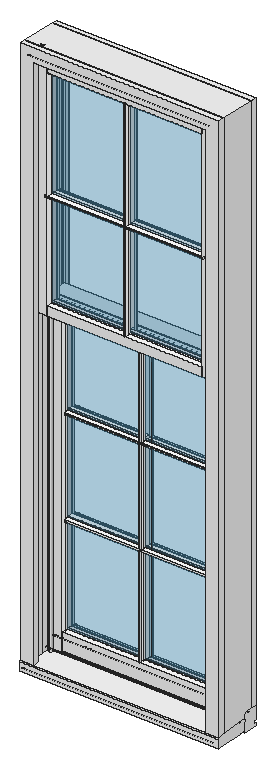
Revit family "S1-46", category Generic Models, Revit 2012 (continued)
Automatic sketch dimensions
  Extrusion 25 sketch curve to Extrusion 25 sketch curve = 0 mm  (x2)
  Extrusion 25 sketch curve to plane 16 = 44 mm
  Extrusion 25 sketch curve to plane 1 "Center (Front/Back)" = 19.501 mm
  Extrusion 25 sketch curve to Extrusion 25 sketch curve = 4 mm  (x2)
  Extrusion 25 sketch curve to Extrusion 25 sketch curve = 16 mm
  plane 20 to Sweep 26 sketch curve = 0.003 mm
  Sweep 26 sketch curve to plane 5 = 44 mm
  Sweep 26 sketch curve to plane 16 = 44 mm
  Sweep 26 sketch curve to plane 27 = 3.962 mm
  profile plane to Sweep 26 sketch curve = 0 mm
  profile plane to Sweep 26 sketch curve = 10 mm
  Sweep 26 sketch curve to profile plane = 8 mm
  profile plane to Sweep 26 sketch curve = 8 mm
  Extrusion 27 sketch curve to level = 0 mm  (x2)
  Extrusion 27 sketch curve to plane 4 = 0 mm
  Extrusion 27 sketch curve to plane 4 = 2.879 mm
  Extrusion 27 sketch curve to plane 10 = 24 mm
  plane 4 to Extrusion 27 sketch curve = 0.098 mm
  Extrusion 27 sketch curve to Extrusion 27 sketch curve = 2.634 mm
  Extrusion 27 sketch curve to Extrusion 27 sketch curve = 5 mm  (x2)
  level to Extrusion 27 sketch curve = 2 mm
  Extrusion 27 sketch curve to Extrusion 27 sketch curve = 3 mm
  Extrusion 27 sketch curve to plane 1 "Center (Front/Back)" = 6.66 mm
  Extrusion 27 sketch curve to Extrusion 27 sketch curve = 3.261 mm
  Extrusion 27 sketch curve to Extrusion 27 sketch curve = 1.774 mm
  Extrusion 27 sketch curve to Extrusion 27 sketch curve = 0.661 mm
  Extrusion 27 sketch curve to Extrusion 27 sketch curve = 0.483 mm
  level to Extrusion 27 sketch curve = 5 mm
  Extrusion 27 sketch curve to plane 1 "Center (Front/Back)" = 13 mm
  Extrusion 27 sketch curve to Extrusion 27 sketch curve = 20.16 mm
  Extrusion 27 sketch curve to Extrusion 27 sketch curve = 0 mm
  plane 4 to Extrusion 27 sketch curve = 8.01 mm
  Extrusion 27 sketch curve to Extrusion 27 sketch curve = 0.941 mm
  Extrusion 27 sketch curve to Extrusion 27 sketch curve = 3.756 mm
  Extrusion 27 sketch curve to Extrusion 27 sketch curve = 0.468 mm
  plane 4 to Extrusion 27 sketch curve = 15 mm
  Extrusion 28 sketch curve to plane 4 = 0 mm
  Extrusion 28 sketch curve to level = 0 mm
  plane 4 to Extrusion 28 sketch curve = 15 mm
  Extrusion 28 sketch curve to plane 1 "Center (Front/Back)" = 33 mm
  Extrusion 28 sketch curve to Extrusion 28 sketch curve = 0 mm
  Extrusion 28 sketch curve to Extrusion 28 sketch curve = 5 mm
  Extrusion 28 sketch curve to Extrusion 28 sketch curve = 13.619 mm
  Extrusion 28 sketch curve to Extrusion 28 sketch curve = 3.494 mm
  Extrusion 28 sketch curve to Extrusion 28 sketch curve = 0.701 mm
  Extrusion 28 sketch curve to Extrusion 28 sketch curve = 1.501 mm
  Extrusion 28 sketch curve to Extrusion 28 sketch curve = 1.734 mm
  Extrusion 28 sketch curve to Extrusion 28 sketch curve = 0.661 mm
  Extrusion 28 sketch curve to Extrusion 28 sketch curve = 0.854 mm
  Extrusion 28 sketch curve to plane 9 = 0 mm
  Extrusion 28 sketch curve to plane 21 = 4.75 mm
  Extrusion 28 sketch curve to plane 21 = 14.75 mm
  Extrusion 28 sketch curve to Extrusion 28 sketch curve = 10 mm  (x2)
  level to Extrusion 28 sketch curve = 10 mm
  Extrusion 28 sketch curve to Extrusion 28 sketch curve = 4.913 mm
  Extrusion 28 sketch curve to Extrusion 28 sketch curve = 3 mm
  Extrusion 28 sketch curve to Extrusion 28 sketch curve = 13.01 mm
  Extrusion 28 sketch curve to Extrusion 28 sketch curve = 0.941 mm
  Extrusion 28 sketch curve to Extrusion 28 sketch curve = 4.893 mm
  Extrusion 28 sketch curve to Extrusion 28 sketch curve = 3.308 mm
  Extrusion 28 sketch curve to Extrusion 28 sketch curve = 0.218 mm
  Extrusion 28 sketch curve to Extrusion 28 sketch curve = 0.667 mm
  Extrusion 28 sketch curve to Extrusion 28 sketch curve = 5.279 mm
  Extrusion 29 sketch curve to plane 16 = 0 mm  (x3)
  Extrusion 29 sketch curve to plane 16 = 3 mm  (x2)
  plane 10 to Extrusion 29 sketch curve = 1 mm
  Extrusion 29 sketch curve to Extrusion 29 sketch curve = 3 mm  (x2)
  Extrusion 29 sketch curve to plane 16 = 9 mm
  Extrusion 29 sketch curve to Extrusion 29 sketch curve = 34 mm
  Extrusion 29 sketch curve to Extrusion 29 sketch curve = 6 mm
  Extrusion 29 sketch curve to Extrusion 29 sketch curve = 10 mm  (x2)
  Extrusion 29 sketch curve to Extrusion 29 sketch curve = 5 mm
  Extrusion 29 sketch curve to Extrusion 29 sketch curve = 9 mm
  plane 10 to Extrusion 29 sketch curve = 13 mm
  Extrusion 29 sketch curve to Extrusion 29 sketch curve = 2 mm
  Extrusion 31 sketch curve to plane 16 = 0 mm  (x3)
  Extrusion 31 sketch curve to plane 16 = 3 mm  (x2)
  Extrusion 31 sketch curve to Extrusion 31 sketch curve = 3 mm  (x2)
  Extrusion 31 sketch curve to plane 16 = 9 mm
  Extrusion 31 sketch curve to Extrusion 31 sketch curve = 31 mm
  Extrusion 31 sketch curve to plane 1 "Center (Front/Back)" = 5 mm
  Extrusion 31 sketch curve to Extrusion 31 sketch curve = 6 mm
  Extrusion 31 sketch curve to Extrusion 31 sketch curve = 10 mm  (x3)
  Extrusion 31 sketch curve to Extrusion 31 sketch curve = 5 mm
  Extrusion 31 sketch curve to Extrusion 31 sketch curve = 12 mm
  Extrusion 31 sketch curve to Extrusion 31 sketch curve = 9 mm
  Extrusion 31 sketch curve to plane 9 = 5 mm
  plane 4 to Sweep 33 sketch curve = 0.101 mm  (x2)
  profile plane to Sweep 33 sketch curve = 0 mm
  profile plane to Sweep 33 sketch curve = 15 mm  (x2)
  Sweep 33 sketch curve to Sweep 33 sketch curve = 8 mm  (x2)
  Sweep 33 sketch curve to plane 1 "Center (Front/Back)" = 4 mm
  profile plane to Sweep 33 sketch curve = 25 mm
  Sweep 33 sketch curve to Sweep 33 sketch curve = 3.764 mm
  Sweep 33 sketch curve to Sweep 33 sketch curve = 0.669 mm  (x3)
  Sweep 33 sketch curve to Sweep 33 sketch curve = 9 mm  (x2)
  Sweep 33 sketch curve to Sweep 33 sketch curve = 0 mm  (x3)
  Sweep 33 sketch curve to plane 1 "Center (Front/Back)" = 67 mm
  Sweep 33 sketch curve to Sweep 33 sketch curve = 5 mm  (x2)
  plane 1 "Center (Front/Back)" to Sweep 33 sketch curve = 4 mm
  Sweep 33 sketch curve to Sweep 33 sketch curve = 14.428 mm
  Sweep 33 sketch curve to Sweep 33 sketch curve = 1.899 mm
  Sweep 33 sketch curve to Sweep 33 sketch curve = 2.674 mm
  Sweep 33 sketch curve to Sweep 33 sketch curve = 43.999 mm
  plane 1 "Center (Front/Back)" to Sweep 34 sketch curve = 0 mm
  plane 6 to Sweep 34 sketch curve = 30 mm
  plane 8 to Sweep 34 sketch curve = 89 mm
  profile plane to Sweep 34 sketch curve = 30.213 mm
  profile plane to Sweep 34 sketch curve = 103.128 mm
  Sweep 34 sketch curve to Sweep 34 sketch curve = 12.041 mm
  profile plane to Sweep 34 sketch curve = 33.191 mm
  Sweep 34 sketch curve to Sweep 34 sketch curve = 2.634 mm
  Sweep 34 sketch curve to profile plane = 6.579 mm
  Sweep 34 sketch curve to Sweep 34 sketch curve = 3.256 mm
  Sweep 34 sketch curve to Sweep 34 sketch curve = 1.861 mm
  Sweep 34 sketch curve to Sweep 34 sketch curve = 0.661 mm
  Sweep 34 sketch curve to Sweep 34 sketch curve = 0.591 mm
  Sweep 34 sketch curve to Sweep 34 sketch curve = 19.966 mm
  Sweep 34 sketch curve to Sweep 34 sketch curve = 13.619 mm
  Sweep 34 sketch curve to Sweep 34 sketch curve = 3.494 mm
  Sweep 34 sketch curve to Sweep 34 sketch curve = 0.701 mm
  Sweep 34 sketch curve to Sweep 34 sketch curve = 1.501 mm
  Sweep 34 sketch curve to Sweep 34 sketch curve = 1.982 mm
  Sweep 34 sketch curve to Sweep 34 sketch curve = 0.499 mm
  Sweep 34 sketch curve to Sweep 34 sketch curve = 0.854 mm
  Sweep 34 sketch curve to Sweep 34 sketch curve = 12.85 mm
  Sweep 34 sketch curve to profile plane = 6.095 mm
  Sweep 34 sketch curve to Sweep 34 sketch curve = 34.959 mm
  profile plane to Sweep 34 sketch curve = 41.01 mm
  Sweep 34 sketch curve to Sweep 34 sketch curve = 0.941 mm
  Sweep 34 sketch curve to Sweep 34 sketch curve = 3.849 mm
  Sweep 34 sketch curve to Sweep 34 sketch curve = 0.468 mm
  Sweep 34 sketch curve to Sweep 34 sketch curve = 5.155 mm
  Sweep 34 sketch curve to Sweep 34 sketch curve = 4.913 mm
  Sweep 34 sketch curve to Sweep 34 sketch curve = 3 mm
  Sweep 34 sketch curve to Sweep 34 sketch curve = 1.91 mm
  Sweep 34 sketch curve to Sweep 34 sketch curve = 1.036 mm
  Sweep 34 sketch curve to Sweep 34 sketch curve = 4.893 mm
  Sweep 34 sketch curve to Sweep 34 sketch curve = 3.401 mm
  Sweep 34 sketch curve to Sweep 34 sketch curve = 0.218 mm
  Sweep 34 sketch curve to Sweep 34 sketch curve = 0.667 mm
  Sweep 34 sketch curve to Sweep 34 sketch curve = 5.371 mm
  Extrusion 35 sketch curve to plane 29 = 2 mm
  Extrusion 35 sketch curve to plane 32 = 10 mm  (x2)
  Extrusion 35 sketch curve to Extrusion 35 sketch curve = 2 mm  (x4)
  Extrusion 35 sketch curve to plane 32 = 2.5 mm  (x2)
  plane 32 to Extrusion 35 sketch curve = 2.5 mm  (x2)
  plane 32 to Extrusion 35 sketch curve = 8 mm
  plane 32 to Extrusion 35 sketch curve = 10 mm
  Extrusion 35 sketch curve to Extrusion 35 sketch curve = 2.8 mm  (x2)
  Extrusion 35 sketch curve to plane 1 "Center (Front/Back)" = 8.038 mm
  Extrusion 35 sketch curve to Extrusion 35 sketch curve = 0 mm
  plane 29 to Extrusion 35 sketch curve = 6 mm
  Extrusion 35 sketch curve to Extrusion 35 sketch curve = 2.5 mm  (x2)
  Extrusion 35 sketch curve to plane 9 = 4.008 mm  (x2)
  Extrusion 37 sketch curve to plane 34 = 0 mm  (x2)
  Extrusion 37 sketch curve to Extrusion 37 sketch curve = 2 mm  (x3)
  Extrusion 37 sketch curve to plane 10 = 0.831 mm
  plane 34 to Extrusion 37 sketch curve = 7.449 mm
  plane 34 to Extrusion 37 sketch curve = 7.5 mm
  plane 10 to Extrusion 37 sketch curve = 1.169 mm  (x2)
  Extrusion 37 sketch curve to Extrusion 37 sketch curve = 5 mm  (x2)
  Extrusion 37 sketch curve to Extrusion 37 sketch curve = 5.5 mm
  Extrusion 37 sketch curve to Extrusion 37 sketch curve = 7.551 mm
  plane 10 to Extrusion 37 sketch curve = 9.323 mm
  plane 10 to Extrusion 37 sketch curve = 12.123 mm
  Extrusion 37 sketch curve to Extrusion 37 sketch curve = 6 mm  (x2)
  Extrusion 37 sketch curve to Extrusion 37 sketch curve = 2.5 mm  (x2)
  Extrusion 37 sketch curve to Extrusion 37 sketch curve = 0 mm
  Extrusion 39 sketch curve to plane 35 = 2 mm
  plane 22 to Extrusion 39 sketch curve = 10 mm  (x2)
  Extrusion 39 sketch curve to Extrusion 39 sketch curve = 2 mm  (x4)
  plane 22 to Extrusion 39 sketch curve = 2.5 mm  (x2)
  Extrusion 39 sketch curve to plane 22 = 2.5 mm  (x2)
  Extrusion 39 sketch curve to plane 22 = 8 mm
  Extrusion 39 sketch curve to plane 22 = 10 mm
  Extrusion 39 sketch curve to Extrusion 39 sketch curve = 2.8 mm  (x2)
  Extrusion 39 sketch curve to plane 1 "Center (Front/Back)" = 8.038 mm
  Extrusion 39 sketch curve to Extrusion 39 sketch curve = 0 mm
  plane 35 to Extrusion 39 sketch curve = 6 mm
  Extrusion 39 sketch curve to Extrusion 39 sketch curve = 2.5 mm  (x2)
  Extrusion 39 sketch curve to plane 9 = 4.008 mm  (x2)
  Extrusion 41 sketch curve to plane 38 = 2 mm
  plane 22 to Extrusion 41 sketch curve = 10 mm  (x2)
  Extrusion 41 sketch curve to Extrusion 41 sketch curve = 2 mm  (x3)
  plane 22 to Extrusion 41 sketch curve = 2.5 mm  (x2)
  Extrusion 41 sketch curve to plane 22 = 2.5 mm  (x2)
  Extrusion 41 sketch curve to plane 22 = 8 mm
  Extrusion 41 sketch curve to plane 22 = 10 mm
  Extrusion 41 sketch curve to Extrusion 41 sketch curve = 2.8 mm  (x2)
  plane 10 to Extrusion 41 sketch curve = 1.288 mm  (x2)
  Extrusion 41 sketch curve to plane 10 = 0.712 mm
  plane 38 to Extrusion 41 sketch curve = 6 mm
  Extrusion 41 sketch curve to Extrusion 41 sketch curve = 2.5 mm  (x2)
  Extrusion 41 sketch curve to Extrusion 41 sketch curve = 7.5 mm
  Extrusion 41 sketch curve to Extrusion 41 sketch curve = 0 mm
  plane 22 to Extrusion 42 sketch curve = 10 mm
  Extrusion 42 sketch curve to plane 22 = 10 mm
  plane 10 to Extrusion 42 sketch curve = 19.242 mm
  Extrusion 42 sketch curve to Extrusion 42 sketch curve = 16 mm
  Extrusion 43 sketch curve to plane 42 = 0 mm  (x2)
  plane 42 to Extrusion 43 sketch curve = 2 mm
  plane 42 to Extrusion 43 sketch curve = 7.5 mm  (x2)
  Extrusion 43 sketch curve to Extrusion 43 sketch curve = 5 mm  (x2)
  Extrusion 43 sketch curve to plane 9 = 4.008 mm  (x2)
  Extrusion 43 sketch curve to Extrusion 43 sketch curve = 5.5 mm
  Extrusion 43 sketch curve to Extrusion 43 sketch curve = 7.5 mm
  Extrusion 43 sketch curve to Extrusion 43 sketch curve = 2 mm  (x3)
  plane 43 to Extrusion 43 sketch curve = 8.5 mm  (x2)
  Extrusion 43 sketch curve to Extrusion 43 sketch curve = 2.5 mm  (x2)
  Extrusion 43 sketch curve to Extrusion 43 sketch curve = 2.8 mm  (x2)
  Extrusion 43 sketch curve to plane 1 "Center (Front/Back)" = 8.038 mm
  Extrusion 43 sketch curve to Extrusion 43 sketch curve = 0 mm
  Extrusion 45 sketch curve to plane 33 = 0 mm  (x2)
  Extrusion 45 sketch curve to plane 33 = 3 mm  (x2)
  plane 10 to Extrusion 45 sketch curve = 1 mm
  Extrusion 45 sketch curve to Extrusion 45 sketch curve = 6 mm  (x2)
  Extrusion 45 sketch curve to Extrusion 45 sketch curve = 34.52 mm
  Extrusion 45 sketch curve to Extrusion 45 sketch curve = 10 mm
  plane 10 to Extrusion 45 sketch curve = 11 mm
  plane 10 to Extrusion 45 sketch curve = 13 mm
  Extrusion 45 sketch curve to Extrusion 45 sketch curve = 20.269 mm
  Extrusion 45 sketch curve to Extrusion 45 sketch curve = 8 mm
  Extrusion 45 sketch curve to Extrusion 45 sketch curve = 3 mm
  Extrusion 46 sketch curve to plane 10 = 0 mm  (x2)
  Extrusion 46 sketch curve to plane 10 = 0.972 mm  (x2)
  Extrusion 46 sketch curve to Extrusion 46 sketch curve = 1.528 mm
  Extrusion 46 sketch curve to Extrusion 46 sketch curve = 0.5 mm  (x2)
  Extrusion 46 sketch curve to Extrusion 46 sketch curve = 0.574 mm  (x2)
  Extrusion 46 sketch curve to Extrusion 46 sketch curve = 0.813 mm
  Extrusion 46 sketch curve to Extrusion 46 sketch curve = 0 mm  (x5)
  Extrusion 46 sketch curve to Extrusion 46 sketch curve = 0.85 mm
  Extrusion 46 sketch curve to Extrusion 46 sketch curve = 0.61 mm
  Extrusion 46 sketch curve to Extrusion 46 sketch curve = 0.895 mm  (x4)
  Extrusion 46 sketch curve to Extrusion 46 sketch curve = 1.681 mm
  Extrusion 46 sketch curve to plane 33 = 9 mm
  Extrusion 46 sketch curve to Extrusion 46 sketch curve = 1 mm  (x2)
  Extrusion 46 sketch curve to Extrusion 46 sketch curve = 1.25 mm  (x3)
  Extrusion 46 sketch curve to Extrusion 46 sketch curve = 0.028 mm
  Extrusion 46 sketch curve to Extrusion 46 sketch curve = 0.867 mm  (x2)
  Extrusion 46 sketch curve to Extrusion 46 sketch curve = 0.355 mm
  Extrusion 46 sketch curve to Extrusion 46 sketch curve = 0.71 mm  (x2)
  Extrusion 46 sketch curve to Extrusion 46 sketch curve = 2.5 mm
  Extrusion 47 sketch curve to plane 10 = 2.5 mm
  Extrusion 47 sketch curve to plane 10 = 0.972 mm  (x2)
  plane 10 to Extrusion 47 sketch curve = 0.273 mm  (x2)
  Extrusion 47 sketch curve to Extrusion 47 sketch curve = 4.772 mm
  Extrusion 47 sketch curve to Extrusion 47 sketch curve = 0 mm  (x2)
  Extrusion 47 sketch curve to Extrusion 47 sketch curve = 0.921 mm  (x3)
  Extrusion 47 sketch curve to plane 33 = 8 mm
  Extrusion 47 sketch curve to Extrusion 47 sketch curve = 1.255 mm
  Extrusion 47 sketch curve to Extrusion 47 sketch curve = 0.719 mm  (x2)
  Extrusion 47 sketch curve to Extrusion 47 sketch curve = 1.052 mm
  Extrusion 47 sketch curve to Extrusion 47 sketch curve = 3.157 mm
  Extrusion 47 sketch curve to Extrusion 47 sketch curve = 1.974 mm
  Extrusion 48 sketch curve to plane 33 = 1.197 mm
  Extrusion 48 sketch curve to plane 9 = 5.412 mm
  Extrusion 48 sketch curve to Extrusion 48 sketch curve = 0.921 mm  (x3)
  Extrusion 48 sketch curve to plane 33 = 2.118 mm
  plane 9 to Extrusion 48 sketch curve = 0.281 mm  (x2)
  Extrusion 48 sketch curve to Extrusion 48 sketch curve = 1.245 mm
  Extrusion 48 sketch curve to Extrusion 48 sketch curve = 0 mm
  Extrusion 48 sketch curve to Extrusion 48 sketch curve = 1.5 mm
  Extrusion 48 sketch curve to plane 33 = 2.452 mm
  Extrusion 48 sketch curve to Extrusion 48 sketch curve = 0.719 mm  (x2)
  Extrusion 48 sketch curve to Extrusion 48 sketch curve = 0.623 mm
  Extrusion 48 sketch curve to Extrusion 48 sketch curve = 2.728 mm
  Extrusion 48 sketch curve to Extrusion 48 sketch curve = 1.47 mm
  Extrusion 48 sketch curve to plane 33 = 0.982 mm
  Extrusion 49 sketch curve to Extrusion 49 sketch curve = 0.921 mm  (x4)
  Extrusion 49 sketch curve to Extrusion 49 sketch curve = 0 mm  (x2)
  Extrusion 49 sketch curve to plane 33 = 11.193 mm
  Extrusion 49 sketch curve to Extrusion 49 sketch curve = 1.201 mm
  Extrusion 49 sketch curve to Extrusion 49 sketch curve = 2.456 mm
  Extrusion 49 sketch curve to Extrusion 49 sketch curve = 0.719 mm  (x2)
  Extrusion 49 sketch curve to Extrusion 49 sketch curve = 0.65 mm
  Extrusion 49 sketch curve to Extrusion 49 sketch curve = 2.755 mm
  Extrusion 49 sketch curve to Extrusion 49 sketch curve = 3.175 mm
  Extrusion 50 sketch curve to plane 9 = 5.412 mm
  Extrusion 50 sketch curve to Extrusion 50 sketch curve = 0.921 mm  (x4)
  plane 9 to Extrusion 50 sketch curve = 0.281 mm  (x2)
  Extrusion 50 sketch curve to Extrusion 50 sketch curve = 1.245 mm
  Extrusion 50 sketch curve to Extrusion 50 sketch curve = 0 mm
  Extrusion 50 sketch curve to Extrusion 50 sketch curve = 1.5 mm
  plane 4 to Extrusion 50 sketch curve = 39.982 mm
  Extrusion 50 sketch curve to Extrusion 50 sketch curve = 0.215 mm
  Extrusion 50 sketch curve to Extrusion 50 sketch curve = 1.47 mm
  Extrusion 50 sketch curve to Extrusion 50 sketch curve = 0.719 mm  (x2)
  Extrusion 50 sketch curve to Extrusion 50 sketch curve = 0.623 mm
  Extrusion 50 sketch curve to Extrusion 50 sketch curve = 2.728 mm
  Extrusion 50 sketch curve to Extrusion 50 sketch curve = 2.189 mm
  plane 33 to Extrusion 51 sketch curve = 0.792 mm
  Extrusion 51 sketch curve to Extrusion 51 sketch curve = 0.783 mm
  Extrusion 51 sketch curve to Extrusion 51 sketch curve = 0.015 mm
  plane 33 to Extrusion 51 sketch curve = 0.501 mm
  Extrusion 51 sketch curve to Extrusion 51 sketch curve = 5.086 mm
  Extrusion 51 sketch curve to Extrusion 51 sketch curve = 0.852 mm  (x2)
  Extrusion 51 sketch curve to Extrusion 51 sketch curve = 1.04 mm
  Extrusion 51 sketch curve to plane 33 = 2.371 mm
  Extrusion 51 sketch curve to Extrusion 51 sketch curve = 0.6 mm
  Extrusion 51 sketch curve to Extrusion 51 sketch curve = 0.954 mm  (x2)
  Extrusion 51 sketch curve to Extrusion 51 sketch curve = 0.545 mm
  Extrusion 52 sketch curve to Extrusion 52 sketch curve = 0 mm  (x15)
  Extrusion 52 sketch curve to plane 13 = 1.115 mm
  Extrusion 52 sketch curve to plane 13 = 1.322 mm
  Extrusion 52 sketch curve to Extrusion 52 sketch curve = 0.5 mm  (x4)
  Extrusion 52 sketch curve to plane 13 = 0.205 mm
  Extrusion 52 sketch curve to Extrusion 52 sketch curve = 2.378 mm
  Extrusion 52 sketch curve to plane 13 = 0.558 mm
  Extrusion 52 sketch curve to Extrusion 52 sketch curve = 0.354 mm  (x3)
  Extrusion 52 sketch curve to Extrusion 52 sketch curve = 0.707 mm
  plane 13 to Extrusion 52 sketch curve = 3.236 mm
  Extrusion 52 sketch curve to Extrusion 52 sketch curve = 1.473 mm
  plane 13 to Extrusion 52 sketch curve = 2.882 mm
  Extrusion 52 sketch curve to Extrusion 52 sketch curve = 0.315 mm  (x2)
  Extrusion 52 sketch curve to Extrusion 52 sketch curve = 2.239 mm
  Extrusion 52 sketch curve to Extrusion 52 sketch curve = 0.32 mm
  plane 33 to Extrusion 52 sketch curve = 0 mm
  Extrusion 52 sketch curve to Extrusion 52 sketch curve = 1.581 mm
  Extrusion 52 sketch curve to Extrusion 52 sketch curve = 0.136 mm
  Extrusion 52 sketch curve to Extrusion 52 sketch curve = 0.899 mm
  Extrusion 52 sketch curve to plane 33 = 1.354 mm
  Extrusion 52 sketch curve to Extrusion 52 sketch curve = 1.177 mm
  Extrusion 52 sketch curve to Extrusion 52 sketch curve = 0.886 mm
  Extrusion 52 sketch curve to Extrusion 52 sketch curve = 2.346 mm
  Extrusion 52 sketch curve to Extrusion 52 sketch curve = 0.069 mm
  Extrusion 52 sketch curve to Extrusion 52 sketch curve = 0.388 mm
  Extrusion 52 sketch curve to plane 33 = 0.481 mm
  plane 33 to Extrusion 52 sketch curve = 0.735 mm
  Extrusion 52 sketch curve to Extrusion 52 sketch curve = 0.984 mm
  Extrusion 53 sketch curve to plane 9 = 16.77 mm
  Extrusion 53 sketch curve to Extrusion 53 sketch curve = 0.838 mm
  Extrusion 53 sketch curve to Extrusion 53 sketch curve = 0.12 mm
  Extrusion 53 sketch curve to Extrusion 53 sketch curve = 4.013 mm
  Extrusion 53 sketch curve to Extrusion 53 sketch curve = 0.852 mm
  Extrusion 53 sketch curve to Extrusion 53 sketch curve = 0.391 mm
  Extrusion 53 sketch curve to Extrusion 53 sketch curve = 1.04 mm
  plane 4 to Extrusion 53 sketch curve = 34.359 mm
  Extrusion 53 sketch curve to Extrusion 53 sketch curve = 0.368 mm
  Extrusion 53 sketch curve to Extrusion 53 sketch curve = 0.593 mm
  Extrusion 53 sketch curve to Extrusion 53 sketch curve = 0.96 mm
  Extrusion 53 sketch curve to Extrusion 53 sketch curve = 0.868 mm
  Extrusion 53 sketch curve to Extrusion 53 sketch curve = 4.578 mm
  Extrusion 53 sketch curve to Extrusion 53 sketch curve = 0.826 mm
  Extrusion 53 sketch curve to Extrusion 53 sketch curve = 0.954 mm
  Extrusion 53 sketch curve to Extrusion 53 sketch curve = 0.729 mm
  Extrusion 54 sketch curve to Extrusion 54 sketch curve = 0 mm  (x6)
  Extrusion 54 sketch curve to plane 9 = 20.132 mm
  Extrusion 54 sketch curve to Extrusion 54 sketch curve = 0.504 mm
  Extrusion 54 sketch curve to Extrusion 54 sketch curve = 0.692 mm
  Extrusion 54 sketch curve to Extrusion 54 sketch curve = 0.009 mm
  Extrusion 54 sketch curve to Extrusion 54 sketch curve = 2.715 mm
  Extrusion 54 sketch curve to Extrusion 54 sketch curve = 0.308 mm  (x2)
  Extrusion 54 sketch curve to Extrusion 54 sketch curve = 0.273 mm
  Extrusion 54 sketch curve to Extrusion 54 sketch curve = 0.062 mm  (x2)
  Extrusion 54 sketch curve to Extrusion 54 sketch curve = 0.085 mm
  Extrusion 54 sketch curve to Extrusion 54 sketch curve = 2.389 mm
  Extrusion 54 sketch curve to Extrusion 54 sketch curve = 4.624 mm
  Extrusion 54 sketch curve to Extrusion 54 sketch curve = 0.414 mm
  Extrusion 54 sketch curve to Extrusion 54 sketch curve = 0.507 mm
  Extrusion 54 sketch curve to Extrusion 54 sketch curve = 0.347 mm
  Extrusion 54 sketch curve to Extrusion 54 sketch curve = 4.117 mm
  Extrusion 54 sketch curve to Extrusion 54 sketch curve = 0.122 mm
  Extrusion 54 sketch curve to Extrusion 54 sketch curve = 3.078 mm
  Extrusion 54 sketch curve to Extrusion 54 sketch curve = 0.981 mm
  Extrusion 54 sketch curve to Extrusion 54 sketch curve = 0.5 mm
  plane 4 to Extrusion 54 sketch curve = 28.063 mm
  Extrusion 54 sketch curve to Extrusion 54 sketch curve = 0.394 mm  (x2)
  Extrusion 54 sketch curve to Extrusion 54 sketch curve = 0.501 mm
  Extrusion 54 sketch curve to Extrusion 54 sketch curve = 3.233 mm
  Extrusion 54 sketch curve to Extrusion 54 sketch curve = 0.097 mm
  Extrusion 54 sketch curve to Extrusion 54 sketch curve = 0.246 mm
  Extrusion 54 sketch curve to Extrusion 54 sketch curve = 0.537 mm
  Extrusion 54 sketch curve to Extrusion 54 sketch curve = 0.53 mm
  Extrusion 54 sketch curve to Extrusion 54 sketch curve = 2.566 mm
  Extrusion 54 sketch curve to Extrusion 54 sketch curve = 0.002 mm
  Extrusion 54 sketch curve to Extrusion 54 sketch curve = 1.017 mm
  Extrusion 54 sketch curve to Extrusion 54 sketch curve = 0.43 mm
  Extrusion 54 sketch curve to Extrusion 54 sketch curve = 3.279 mm
  Extrusion 54 sketch curve to Extrusion 54 sketch curve = 0.955 mm
  Extrusion 54 sketch curve to Extrusion 54 sketch curve = 1.205 mm
  Extrusion 55 sketch curve to plane 1 "Center (Front/Back)" = 9.39 mm
  Extrusion 55 sketch curve to Extrusion 55 sketch curve = 0.838 mm
  Extrusion 55 sketch curve to Extrusion 55 sketch curve = 0.12 mm
  Extrusion 55 sketch curve to Extrusion 55 sketch curve = 4.013 mm
  Extrusion 55 sketch curve to Extrusion 55 sketch curve = 0.852 mm
  Extrusion 55 sketch curve to Extrusion 55 sketch curve = 0.391 mm
  Extrusion 55 sketch curve to Extrusion 55 sketch curve = 1.04 mm
  plane 4 to Extrusion 55 sketch curve = 14.352 mm
  Extrusion 55 sketch curve to Extrusion 55 sketch curve = 0.368 mm
  Extrusion 55 sketch curve to Extrusion 55 sketch curve = 0.593 mm
  Extrusion 55 sketch curve to Extrusion 55 sketch curve = 0.96 mm
  Extrusion 55 sketch curve to Extrusion 55 sketch curve = 0.868 mm
  Extrusion 55 sketch curve to Extrusion 55 sketch curve = 4.578 mm
  Extrusion 55 sketch curve to Extrusion 55 sketch curve = 0.826 mm
  Extrusion 55 sketch curve to Extrusion 55 sketch curve = 0.954 mm
  Extrusion 55 sketch curve to Extrusion 55 sketch curve = 0.729 mm
  Extrusion 56 sketch curve to Extrusion 56 sketch curve = 0 mm  (x6)
  Extrusion 56 sketch curve to plane 1 "Center (Front/Back)" = 6.027 mm
  Extrusion 56 sketch curve to Extrusion 56 sketch curve = 0.504 mm
  Extrusion 56 sketch curve to Extrusion 56 sketch curve = 0.692 mm
  Extrusion 56 sketch curve to Extrusion 56 sketch curve = 0.009 mm
  Extrusion 56 sketch curve to Extrusion 56 sketch curve = 2.715 mm
  Extrusion 56 sketch curve to Extrusion 56 sketch curve = 0.308 mm  (x2)
  Extrusion 56 sketch curve to Extrusion 56 sketch curve = 0.273 mm
  Extrusion 56 sketch curve to Extrusion 56 sketch curve = 0.062 mm  (x2)
  Extrusion 56 sketch curve to Extrusion 56 sketch curve = 0.085 mm
  Extrusion 56 sketch curve to Extrusion 56 sketch curve = 2.389 mm
  Extrusion 56 sketch curve to Extrusion 56 sketch curve = 4.624 mm
  Extrusion 56 sketch curve to Extrusion 56 sketch curve = 0.414 mm
  plane 4 to Extrusion 56 sketch curve = 9.358 mm
  Extrusion 56 sketch curve to Extrusion 56 sketch curve = 0.507 mm
  Extrusion 56 sketch curve to Extrusion 56 sketch curve = 0.347 mm
  Extrusion 56 sketch curve to Extrusion 56 sketch curve = 4.117 mm
  Extrusion 56 sketch curve to Extrusion 56 sketch curve = 0.122 mm
  Extrusion 56 sketch curve to Extrusion 56 sketch curve = 3.078 mm
  Extrusion 56 sketch curve to Extrusion 56 sketch curve = 0.981 mm
  Extrusion 56 sketch curve to Extrusion 56 sketch curve = 0.5 mm
  Extrusion 56 sketch curve to Extrusion 56 sketch curve = 0.407 mm
  Extrusion 56 sketch curve to Extrusion 56 sketch curve = 0.394 mm  (x2)
  Extrusion 56 sketch curve to Extrusion 56 sketch curve = 3.233 mm
  Extrusion 56 sketch curve to Extrusion 56 sketch curve = 0.097 mm
  Extrusion 56 sketch curve to Extrusion 56 sketch curve = 0.246 mm
  Extrusion 56 sketch curve to Extrusion 56 sketch curve = 0.537 mm
  Extrusion 56 sketch curve to Extrusion 56 sketch curve = 0.53 mm
  Extrusion 56 sketch curve to Extrusion 56 sketch curve = 2.566 mm
  Extrusion 56 sketch curve to Extrusion 56 sketch curve = 0.002 mm
  Extrusion 56 sketch curve to Extrusion 56 sketch curve = 1.017 mm
  Extrusion 56 sketch curve to Extrusion 56 sketch curve = 0.43 mm
  Extrusion 56 sketch curve to Extrusion 56 sketch curve = 3.279 mm
  Extrusion 56 sketch curve to Extrusion 56 sketch curve = 0.955 mm
  Extrusion 56 sketch curve to Extrusion 56 sketch curve = 1.205 mm
  plane 1 "Center (Front/Back)" to Extrusion 14 sketch curve = 12 mm
  plane 1 "Center (Front/Back)" to Extrusion 14 sketch curve = 6 mm  (x2)
  plane 1 "Center (Front/Back)" to Extrusion 14 sketch curve = 1 mm
  plane 1 "Center (Front/Back)" to Extrusion 23 sketch curve = 2 mm
  Extrusion 29 sketch curve to Extrusion 29 sketch curve = 17 mm
  plane 1 "Center (Front/Back)" to Extrusion 37 sketch curve = 26.492 mm
  Extrusion 37 sketch curve to Extrusion 37 sketch curve = 7.5 mm
  plane 1 "Center (Front/Back)" to Extrusion 45 sketch curve = 29.269 mm
  plane 1 "Center (Front/Back)" to Extrusion 49 sketch curve = 9.573 mm
  plane 1 "Center (Front/Back)" to Extrusion 49 sketch curve = 3.88 mm
  Extrusion 49 sketch curve to Extrusion 49 sketch curve = 1.245 mm
  plane 1 "Center (Front/Back)" to Extrusion 49 sketch curve = 1.135 mm
  plane 1 "Center (Front/Back)" to Extrusion 51 sketch curve = 21.039 mm
  plane 1 "Center (Front/Back)" to Extrusion 52 sketch curve = 24.116 mm
  Extrusion 57 sketch curve to plane 1 "Center (Front/Back)" = 3.339 mm
  Extrusion 57 sketch curve to plane 27 = 20.289 mm
  Extrusion 57 sketch curve to plane 1 "Center (Front/Back)" = 3.931 mm
  Extrusion 57 sketch curve to Extrusion 57 sketch curve = 0.838 mm
  Extrusion 57 sketch curve to plane 1 "Center (Front/Back)" = 2.971 mm
  Extrusion 57 sketch curve to Extrusion 57 sketch curve = 0.12 mm
  Extrusion 57 sketch curve to Extrusion 57 sketch curve = 4.013 mm
  Extrusion 57 sketch curve to Extrusion 57 sketch curve = 0.852 mm
  Extrusion 57 sketch curve to Extrusion 57 sketch curve = 0.391 mm
  Extrusion 57 sketch curve to Extrusion 57 sketch curve = 1.04 mm
  Extrusion 57 sketch curve to plane 1 "Center (Front/Back)" = 3.565 mm
  Extrusion 57 sketch curve to Extrusion 57 sketch curve = 0.868 mm
  Extrusion 57 sketch curve to Extrusion 57 sketch curve = 4.578 mm
  Extrusion 57 sketch curve to Extrusion 57 sketch curve = 0.826 mm
  Extrusion 57 sketch curve to Extrusion 57 sketch curve = 0.954 mm
  Extrusion 57 sketch curve to Extrusion 57 sketch curve = 0.729 mm
  Extrusion 58 sketch curve to Extrusion 58 sketch curve = 0 mm  (x6)
  Extrusion 58 sketch curve to plane 1 "Center (Front/Back)" = 0.901 mm
  Extrusion 58 sketch curve to plane 27 = 16.927 mm
  Extrusion 58 sketch curve to Extrusion 58 sketch curve = 0.504 mm
  Extrusion 58 sketch curve to Extrusion 58 sketch curve = 0.692 mm
  Extrusion 58 sketch curve to plane 1 "Center (Front/Back)" = 4.414 mm
  Extrusion 58 sketch curve to Extrusion 58 sketch curve = 0.009 mm
  Extrusion 58 sketch curve to plane 1 "Center (Front/Back)" = 0.803 mm
  Extrusion 58 sketch curve to Extrusion 58 sketch curve = 2.715 mm
  Extrusion 58 sketch curve to plane 1 "Center (Front/Back)" = 1.197 mm
  Extrusion 58 sketch curve to Extrusion 58 sketch curve = 0.308 mm  (x2)
  Extrusion 58 sketch curve to plane 1 "Center (Front/Back)" = 2.906 mm
  Extrusion 58 sketch curve to Extrusion 58 sketch curve = 0.273 mm
  Extrusion 58 sketch curve to Extrusion 58 sketch curve = 0.062 mm  (x2)
  Extrusion 58 sketch curve to Extrusion 58 sketch curve = 0.085 mm
  plane 1 "Center (Front/Back)" to Extrusion 58 sketch curve = 3.325 mm
  Extrusion 58 sketch curve to Extrusion 58 sketch curve = 2.389 mm
  Extrusion 58 sketch curve to Extrusion 58 sketch curve = 4.624 mm
  Extrusion 58 sketch curve to Extrusion 58 sketch curve = 0.414 mm
  plane 1 "Center (Front/Back)" to Extrusion 58 sketch curve = 2.023 mm
  Extrusion 58 sketch curve to Extrusion 58 sketch curve = 0.507 mm
  Extrusion 58 sketch curve to Extrusion 58 sketch curve = 0.347 mm
  Extrusion 58 sketch curve to Extrusion 58 sketch curve = 4.117 mm
  Extrusion 58 sketch curve to Extrusion 58 sketch curve = 0.122 mm
  Extrusion 58 sketch curve to Extrusion 58 sketch curve = 3.078 mm
  Extrusion 58 sketch curve to Extrusion 58 sketch curve = 0.981 mm
  Extrusion 58 sketch curve to Extrusion 58 sketch curve = 0.5 mm
  Extrusion 58 sketch curve to Extrusion 58 sketch curve = 0.394 mm
  Extrusion 58 sketch curve to Extrusion 58 sketch curve = 0.246 mm
  Extrusion 58 sketch curve to plane 1 "Center (Front/Back)" = 2.94 mm
  Extrusion 58 sketch curve to Extrusion 58 sketch curve = 0.002 mm
  Extrusion 58 sketch curve to Extrusion 58 sketch curve = 1.017 mm
  Extrusion 58 sketch curve to Extrusion 58 sketch curve = 0.43 mm
  Extrusion 58 sketch curve to Extrusion 58 sketch curve = 3.279 mm
  Extrusion 58 sketch curve to Extrusion 58 sketch curve = 0.955 mm
  Extrusion 58 sketch curve to Extrusion 58 sketch curve = 1.205 mm
  plane 1 "Center (Front/Back)" to Extrusion 59 sketch curve = 4.349 mm
  plane 41 to Extrusion 59 sketch curve = 20.063 mm
  plane 1 "Center (Front/Back)" to Extrusion 59 sketch curve = 4.742 mm
  Extrusion 59 sketch curve to Extrusion 59 sketch curve = 0.702 mm
  plane 1 "Center (Front/Back)" to Extrusion 59 sketch curve = 4.141 mm
  Extrusion 59 sketch curve to Extrusion 59 sketch curve = 0.075 mm
  Extrusion 59 sketch curve to Extrusion 59 sketch curve = 4.956 mm
  Extrusion 59 sketch curve to Extrusion 59 sketch curve = 0.606 mm
  Extrusion 59 sketch curve to Extrusion 59 sketch curve = 0.637 mm
  Extrusion 59 sketch curve to Extrusion 59 sketch curve = 1.04 mm
  plane 1 "Center (Front/Back)" to Extrusion 59 sketch curve = 4.827 mm
  Extrusion 59 sketch curve to Extrusion 59 sketch curve = 0.535 mm
  Extrusion 59 sketch curve to Extrusion 59 sketch curve = 4.439 mm
  Extrusion 59 sketch curve to Extrusion 59 sketch curve = 0.954 mm
  Extrusion 59 sketch curve to Extrusion 59 sketch curve = 0.013 mm
  Extrusion 59 sketch curve to Extrusion 59 sketch curve = 0.587 mm
  Extrusion 60 sketch curve to Extrusion 60 sketch curve = 0 mm  (x2)
  plane 1 "Center (Front/Back)" to Extrusion 60 sketch curve = 5.895 mm
  plane 41 to Extrusion 60 sketch curve = 16.38 mm
  plane 1 "Center (Front/Back)" to Extrusion 60 sketch curve = 1.531 mm
  Extrusion 60 sketch curve to Extrusion 60 sketch curve = 0.5 mm
  plane 1 "Center (Front/Back)" to Extrusion 60 sketch curve = 1.294 mm
  Extrusion 60 sketch curve to Extrusion 60 sketch curve = 2.115 mm
  Extrusion 60 sketch curve to Extrusion 60 sketch curve = 0.355 mm
  Extrusion 60 sketch curve to Extrusion 60 sketch curve = 0.066 mm
  plane 1 "Center (Front/Back)" to Extrusion 60 sketch curve = 3.522 mm
  Extrusion 60 sketch curve to Extrusion 60 sketch curve = 0.426 mm
  Extrusion 60 sketch curve to Extrusion 60 sketch curve = 0.854 mm
  Extrusion 60 sketch curve to Extrusion 60 sketch curve = 0.002 mm
  Extrusion 60 sketch curve to plane 1 "Center (Front/Back)" = 2.221 mm
  Extrusion 60 sketch curve to Extrusion 60 sketch curve = 2.349 mm
  Extrusion 60 sketch curve to Extrusion 60 sketch curve = 0.288 mm
  Extrusion 60 sketch curve to Extrusion 60 sketch curve = 0.248 mm
  Extrusion 60 sketch curve to plane 1 "Center (Front/Back)" = 1.244 mm
  Extrusion 60 sketch curve to Extrusion 60 sketch curve = 0.374 mm
  Extrusion 60 sketch curve to plane 1 "Center (Front/Back)" = 0.898 mm
  Extrusion 60 sketch curve to Extrusion 60 sketch curve = 0.37 mm
  Extrusion 60 sketch curve to Extrusion 60 sketch curve = 3.912 mm
  Extrusion 60 sketch curve to Extrusion 60 sketch curve = 2.566 mm
  Extrusion 60 sketch curve to Extrusion 60 sketch curve = 0.163 mm
  plane 1 "Center (Front/Back)" to Extrusion 60 sketch curve = 4.301 mm
  Extrusion 60 sketch curve to Extrusion 60 sketch curve = 0.02 mm
  Extrusion 60 sketch curve to Extrusion 60 sketch curve = 0.042 mm
  Extrusion 60 sketch curve to Extrusion 60 sketch curve = 0.434 mm
  Extrusion 60 sketch curve to Extrusion 60 sketch curve = 1.047 mm
  Extrusion 60 sketch curve to Extrusion 60 sketch curve = 0.26 mm
  Extrusion 60 sketch curve to Extrusion 60 sketch curve = 0.366 mm
  Extrusion 60 sketch curve to Extrusion 60 sketch curve = 0.041 mm
  Extrusion 60 sketch curve to Extrusion 60 sketch curve = 0.497 mm
  Extrusion 60 sketch curve to Extrusion 60 sketch curve = 0.336 mm
  Extrusion 60 sketch curve to Extrusion 60 sketch curve = 4.03 mm
  Extrusion 60 sketch curve to Extrusion 60 sketch curve = 0.955 mm
  Extrusion 60 sketch curve to Extrusion 60 sketch curve = 1.238 mm
  radius of Extrusion 13 sketch curve = 5 mm
  radius of Extrusion 13 sketch curve = 8.5 mm
  radius of Extrusion 22 sketch curve = 5 mm
  radius of Extrusion 22 sketch curve = 8.5 mm
  radius of Extrusion 30 sketch curve = 5 mm
  radius of Extrusion 30 sketch curve = 8.5 mm
  radius of Extrusion 32 sketch curve = 5 mm
  radius of Extrusion 32 sketch curve = 8.5 mm
Types (3, lengths in mm): name | Width | Height | GlazingPanelMaterial | Floor Material
  Window Sill drawing | 757 | 2144 | Glass | White
  Access Manager | 1250 | 1250 | none | none
  window family | 757 | 2144 | Glass | 1.12A ANCHOR FIXING
